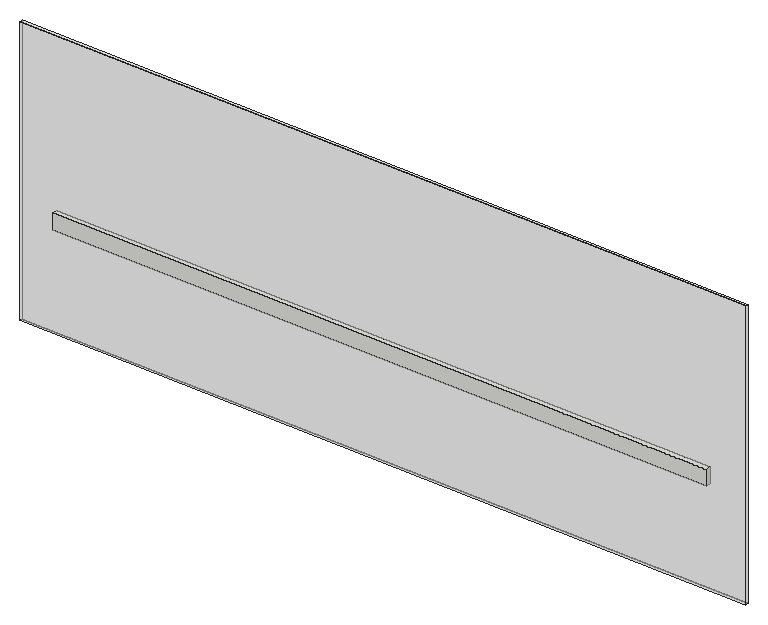
Revit family "Columns_&_Screens-Teknion-RPSWG_Worksurface_Edge_Screen-R2019", category Furniture, Revit 2019
Family settings
  OmniClass Number = 23.40.20.00
  OmniClass Title = General Furniture and Specialties
  Work Plane-Based = No
  Always vertical = Yes
  Cut with Voids When Loaded = No
  Shared = Yes
  Room Calculation Point = No
Parameters (values of type "42" High Datum Line")
  Width [instance] = 60.000"
  Warranty = "http://www.teknion.com/ca/papers/legal-canada"
  Unit Weight URL = "http://www.teknion.com/ca/tools/assets#&asset=bee6a381-b954-425e-8283-5a2de3a804f2,f828d448-4b62-4231-9e5f-9a8991c0ed77"
  URL = "www.teknion.com"
  To render please download texture images found here [instance] = "https://assets.teknion.com/web/5e81352c1dfdb467/revit-material-swatches/"
  Sustainability Data = "https://www.teknion.com/ca/tools/assets#&topic=216f99a5-57a0-44fc-b10a-9dee9b29ae4c&asset=444deb64-fe58-4b68-981e-f75e97781df7,b4ff2d81-9f2e-437d-9659-7cffb09c31cf"
  Series = "Expansion Desking"  # constant formula
  Product Page URL = "https://www.teknion.com/ca/products/product-details?productLineId=2b4e336e-8e7a-673b-a6c8-ff00004460c4"
  Product Line = "Expansion Desking"  # constant formula
  Product Documentation Link = "https://www.teknion.com/pricing/expansion-desking/pdfs/RPSWG_ppg.pdf"
  Part Number = "RPSWG"  # constant formula
  Model = "RPSWG13__"
  Manufacturer Phone = "416-661-3370"  # constant formula
  Manufacturer Fax = "416.661.4586"  # constant formula
  Manufacturer Contact Information = "http://www.teknion.com/ca/contactus"
  Manufacturer Address = "1150 Flint Road, Toronto, ON. M3J 2J5. Canada"  # constant formula
  Manufacturer = "Teknion"  # constant formula
  How To Use Teknion Materials User Guide [instance] = "https://assets.teknion.com/m/205dd0a49fa58060/original/How-to-add-a-Material-Library-and-Texture-Images-to-your-Revit-project.pdf"
  Height = 42.000"
  Hardware Finish [instance] = Paint-Teknion-20-T-Foundation-Atrium White
  For Additional Finishes please visit [instance] = "https://assets.teknion.com/m/44a8009b046e5d47/original/Teknion_Materials_Library.zip"
  Description = "Worksurface Edge Screen - Glass, 42\" High Datum Line"
  Connection Node Visibility [instance] = yes
  Available Widths [instance] = "24\", 27\", 30\", 33\", 36\", 39\", 42\", 45\", 48\", 51\", 54\", 57\", or 60\""  # constant formula
  Assembly Code = "E2020200"
Types (3): name | Model | Height | Description
  (no name) | "RPSWG13__" | 42.000" | "Worksurface Edge Screen - Glass, 42\" High Datum Line"
  42" High Datum Line | "RPSWG13__" | 42.000" | "Worksurface Edge Screen - Glass, 42\" High Datum Line"
  51" High Datum Line | "RPSWG22__" | 50.831" | "Worksurface Edge Screen - Glass, 51\" High Datum Line"
Reference planes (in)
  plane 1 "Center Front/Back": y = 0
  plane 2: z = 0
  plane 3 "Center Left/Right": x = 0
  plane 4 "Left": x = -30
  plane 5 "Right": x = 30
  plane 6 "Back": y = 0.23622
  plane 7 "Front": y = -0.35433
  plane 8 "Top": z = 42
Forms (in)
  Sweep 1, solid, material "Paint-Teknion-20-T-Foundation-Atrium White" <- "Hardware Finish"
    path origin (0, 0, 0) x (1, 0, 0) y (0, 1, 0)
      loop
        line (0, -0.35433) -> (0, 0)
    profile origin (0, -0.17717, 0) x (-1, 0, 0) y (0, 0, 1)
      loop
        line (27, 29) -> (-27, 29) -> (-27, 27.81102) -> (27, 27.81102) -> (27, 29)
  Sweep 2, solid, material "Glass - Teknion - FT - Frosted Glass"
    path origin (0, 0, 0) x (1, 0, 0) y (0, 1, 0)
      loop
        line (0, 0) -> (0, 0.23622)
    profile origin (0, 0.11811, 0) x (-1, 0, 0) y (0, 0, 1)
      loop
        line (30, 42) -> (-30, 42) -> (-30, 19.81102) -> (30, 19.81102) -> (30, 42)
Lines and regions (in)
  Masking region 1
    outline origin (0, 0, 0) x (1, 0, 0) y (0, 1, 0)
      loop
        line (-30, 0.23622) -> (-30, 0) -> (30, 0) -> (30, 0.23622) -> (-30, 0.23622)
  Masking region 2
    outline origin (0, 0, 0) x (1, 0, 0) y (0, 1, 0)
      loop
        line (-27, 0) -> (-27, -0.35433) -> (27, -0.35433) -> (27, 0) -> (-27, 0)
  reference lines
    curve 1: line (-30, 0.23622, 0) -> (-30, -0.35433, 0)
    curve 2: line (30, 0.23622, 0) -> (30, -0.35433, 0)
Dimensions and locks (in)
  "Width": plane 4 "Left" to plane 5 "Right"
  plane 6 "Back" to plane 1 "Center Front/Back" to plane 7 "Front" = 0.23622" locked, 0.35433" locked
  "Height": plane 8 "Top" to level
  equal spacing: plane 4 "Left", plane 3 "Center Left/Right", plane 5 "Right"
  locked: Sweep 1 sketch curve to plane 4 "Left" at 3
  Sweep 1 sketch curve to Sweep 1 sketch curve to level = 1.18898" locked, 27.81102" locked
  locked: Sweep 1 sketch curve to plane 5 "Right" at 3
  locked: Sweep 2 sketch curve to level at 19.81102
  locked: Masking region 2 sketch curve to plane 5 "Right" at 3
  locked: plane 4 "Left" to Masking region 2 sketch curve at 3
  aligned and locked: level to plane 2
  aligned and locked: Sweep 1 sketch curve to plane 3 "Center Left/Right"
  aligned and locked: plane 1 "Center Front/Back" to Sweep 1 sketch curve
  aligned and locked: plane 7 "Front" to Sweep 1 sketch curve
  aligned and locked: plane 6 "Back" to Sweep 2 sketch curve
  aligned and locked: plane 1 "Center Front/Back" to Sweep 2 sketch curve
  aligned and locked: plane 3 "Center Left/Right" to Sweep 2 sketch curve
  aligned and locked: plane 4 "Left" to Sweep 2 sketch curve
  aligned and locked: plane 5 "Right" to Sweep 2 sketch curve
  aligned and locked: Sweep 2 sketch curve to plane 8 "Top"
  aligned and locked: Masking region 1 sketch curve to plane 6 "Back"
  aligned and locked: plane 4 "Left" to Masking region 1 sketch curve
  aligned and locked: Masking region 1 sketch curve to plane 1 "Center Front/Back"
  aligned and locked: Masking region 1 sketch curve to Sweep 2
  aligned and locked: Masking region 2 sketch curve to Sweep 1  (x2)
  aligned and locked: nested 3 to plane 5 "Right"
  aligned and locked: nested 2 to plane 3 "Center Left/Right"
  aligned and locked: nested 1 to plane 4 "Left"
  aligned and locked: nested 1 to plane 6 "Back"
  aligned and locked: nested 2 to plane 6 "Back"
  aligned and locked: nested 3 to plane 6 "Back"
  aligned and locked: curve 1 to plane 4 "Left"
  aligned and locked: curve 2 to plane 5 "Right"
Automatic sketch dimensions
  curve 1 to plane 7 "Front" = 0.000"
  curve 1 to plane 6 "Back" = 0.000"
  plane 7 "Front" to curve 2 = 0.000"
  curve 2 to plane 6 "Back" = 0.000"
Nested families (in)
  nested 1: "Teknion_2D_Node_Family-R2016" at (-30, 0.23622, 0), visible <- "Connection Node Visibility", type "Teknion_2D_Node_Family-R2016"
  nested 2: "Teknion_2D_Node_Family-R2016" at (0, 0.23622, 0), visible <- "Connection Node Visibility", type "Teknion_2D_Node_Family-R2016"
  nested 3: "Teknion_2D_Node_Family-R2016" at (30, 0.23622, 0), visible <- "Connection Node Visibility", type "Teknion_2D_Node_Family-R2016"
Definition of nested family "Teknion_2D_Node_Family-R2016"
  Reference planes (in)
    plane 1 "Center (Front/Back)": y = 0
    plane 2: z = 0
    plane 3 "Center (Left/Right)": x = 0
  Lines and regions (in)
    detail lines, in view "Ref. Level"
      curve 1: circle (0, 0, 0) r 1.25 normal (0, 0, 1)
      curve 2: line (1.91508, -1.91508, 0) -> (-1.91508, 1.91508, 0)
      curve 3: line (-1.91508, -1.91508, 0) -> (1.91508, 1.91508, 0)
